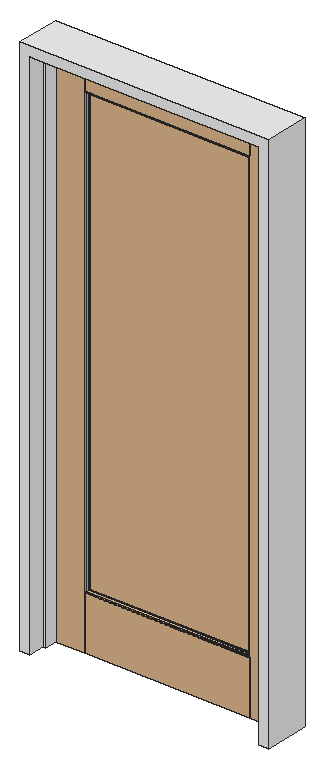
Revit family
Parameters (values of type "1 3/8" Flat Panel")
  URL = "http://www.karonadoor.com"
  Thickness Note = "Do not edit thickness."  # constant formula
  Thickness = 1.334"
  Swing Angle 2D = 90.00°
  SmartBIM Object Version = 1  # constant formula
  SmartBIM Object Created By = "Reed Construction Data"  # constant formula
  Rough Width = 0.000"
  Rough Height = 0.000"
  Panel = Panel_K6000-Square_Karona : 1 3/8" - Flat Panel
  Model = "K6000 Ogee"  # constant formula
  Manufacturer = "Karona , Inc."  # constant formula
  Detail Door Thickness = 1.375"
  Assembly Code = ""
  Top Rail Height = 5.000"
  Top Rail = Wood, Cherry - Grain Horizontal
  Stile Width = 5.063"
  Stile = Wood, Cherry - Grain Vertical
  Sticking = Wood, Cherry - Grain Vertical
  Middle Rail = Wood, Cherry - Grain Horizontal
  Height = 84.000"
  Wall Closure = (empty or 0)
  Width = 36.000"
  Frame = Metal
  Bottom Rail Height = 8.500"
  Bottom Rail = Wood, Cherry - Grain Horizontal
  95 CSI = "08210"  # constant formula
  04 CSI = "08 14 33"  # constant formula
Types (9): name | Thickness | Rough Height | Panel | Detail Door Thickness
  1 3/4" Flat Panel | 1.774" | 1.750" | Panel_K6000-Square_Karona : 1 3/4" - Flat Panel | 1.750"
  1 3/8" Flat Panel | 1.334" | 0.000" | Panel_K6000-Square_Karona : 1 3/8" - Flat Panel | 1.375"
  2 1/4" Flat Panel | 2.250" | 0.000" | Panel_K6000-Square_Karona : 2 1/4" - Flat Panel | 2.250"
  1 3/4" Glass Panel | 1.774" | 1.750" | Panel_K6000-Square_Karona : 1 3/4" - Glass Panel | 1.750"
  1 3/8" Glass Panel | 1.334" | 0.000" | Panel_K6000-Square_Karona : 1 3/8" - Glass Panel | 1.375"
  2 1/4" Glass Panel | 2.250" | 0.000" | Panel_K6000-Square_Karona : 2 1/4" - Glass | 2.250"
  1 3/4" Raised Panel | 1.774" | 1.750" | Panel_K6000-Square_Karona : 1 3/4" - Raised Panel | 1.750"
  1 3/8" Raised Panel | 1.334" | 0.000" | Panel_K6000-Square_Karona : 1 3/8" - Raised Panel | 1.375"
  2 1/4" Raised Panel | 2.250" | 0.000" | Panel_K6000-Square_Karona : 2 1/4" - Raised Panel | 2.250"
Reference planes (in)
  plane 1 "Center (Front/Back)": y = 0
  plane 2 "Center (Left/Right)": x = 0
  plane 3 "Left": x = -18
  plane 4 "Right": x = 18
  plane 5 "Top": z = 84
  plane 6 "Exterior Edge of Frame": y = 3.5
  plane 7 "Interior Edge of Frame": y = -3.5
  plane 8: y = 1
  plane 9: y = -1
  plane 10 "Opening Left": x = -19.5
  plane 11 "Opening Right": x = 19.5
  plane 12 "Top of Opening": z = 85.5
  plane 13: x = -17.5
Forms (in)
  Sweep 1, solid, material "Metal" <- "Frame"
    path origin (0, 0, 0) x (1, 0, 0) y (0, 0, 1)
      loop
        line (-19.5, 0) -> (-19.5, 85.5) -> (19.5, 85.5) -> (19.5, 0)
    profile origin (-19.5, 0, 42.75) x (-1, 0, 0) y (0, -1, 0)
      loop
        line (0, -3.5) -> (0, 3.5) -> (-1.5, 3.5) -> (-1.5, 1) -> (-2, 1) -> (-2, -1) -> (-1.5, -1) -> (-1.5, -3.5) -> (0, -3.5)
Lines and regions (in)
  Opening 1
    outline origin (-90, -3, 0) x (1, 0, 0) y (0, 0, 1)
      loop
        line (70.5, 0) -> (109.5, 0) -> (109.5, 85.5) -> (70.5, 85.5) -> (70.5, 0)
  symbolic lines, style "Elevation Swing"
    curve 1: line (18, 3, 0) -> (-18, 3, 42)
    curve 2: line (-18, 3, 42) -> (18, 3, 84)
Text (in)
  text "Exterior" at (-46.13199, 20.20143, 0), in view "Ref. Level"
  text "Interior" at (-46.13199, -10.56751, 0), in view "Ref. Level"
  text "Exterior" at (0, 40.15149, 123.01588), in view "Right"
  text "Interior" at (0, -64.39139, 123.01588), in view "Right"
  text "Interior" at (0, -31.01599, 123.00693), in view "Left"
  text "Exterior" at (0, 54.57065, 123.00693), in view "Left"
Dimensions and locks (in)
  "Height": level to plane 5 "Top"
  "Width": plane 3 "Left" to plane 4 "Right"
  equal spacing: host wall, curve 2, plane 5 "Top"
  locked: host wall to plane 7 "Interior Edge of Frame" at 0.5
  locked: plane 6 "Exterior Edge of Frame" to host wall at 0.5
  locked: plane 9 to plane 7 "Interior Edge of Frame" at 2.5
  locked: plane 6 "Exterior Edge of Frame" to plane 8 at 2.5
  equal spacing: plane 3 "Left", plane 2 "Center (Left/Right)", plane 4 "Right"
  locked: plane 4 "Right" to plane 11 "Opening Right" at 1.5
  locked: plane 5 "Top" to plane 12 "Top of Opening" at 1.5
  locked: plane 3 "Left" to plane 13 at 0.5
  locked: plane 10 "Opening Left" to plane 3 "Left" at 1.5
  aligned and locked: Opening 1 sketch curve to level
  aligned and locked: plane 4 "Right" to curve 1
  aligned and locked: plane 3 "Left" to curve 1
  aligned and locked: plane 5 "Top" to curve 2
  aligned and locked: Opening 1 sketch curve to plane 11 "Opening Right"
  aligned and locked: plane 12 "Top of Opening" to Opening 1 sketch curve
  aligned and locked: Opening 1 sketch curve to plane 10 "Opening Left"
  aligned and locked: plane 10 "Opening Left" to Sweep 1 sketch curve
  aligned and locked: plane 12 "Top of Opening" to Sweep 1 sketch curve
  aligned and locked: plane 11 "Opening Right" to Sweep 1 sketch curve
  aligned and locked: level to Sweep 1 sketch curve  (x2)
  aligned and locked: Sweep 1 sketch curve to plane 10 "Opening Left"
  aligned and locked: Sweep 1 sketch curve to plane 6 "Exterior Edge of Frame"
  aligned and locked: Sweep 1 sketch curve to plane 7 "Interior Edge of Frame"
  aligned and locked: Sweep 1 sketch curve to plane 8
  aligned and locked: Sweep 1 sketch curve to plane 9
  aligned and locked: plane 13 to Sweep 1 sketch curve
  aligned and locked: plane 3 "Left" to Sweep 1 sketch curve  (x2)
  aligned and locked: nested 1 to plane 2 "Center (Left/Right)"
  aligned and locked: nested 1 to plane 8
  aligned and locked: nested 2 to plane 3 "Left"
  aligned and locked: nested 2 to plane 8
Automatic sketch dimensions
  curve 1 to level = 0.000"
  curve 2 to plane 4 "Right" = 0.000"
Nested families (in)
  nested 1: "Panel_K6000-Square_Karona" at (-13.5, 0.5595, 0) x (-1, 0, 0) z (0, 0, 1), type <- "Panel", type "1 3/8" - Flat Panel"
  nested 2: "Door Panel Plan View" at (-31.5, 1, 0) x (-1, 0, 0) z (0, 0, 1), type "Door Panel Plan View"
    with Thickness 1.375", Height 84.000"
Definition of nested family "Panel_K6000-Square_Karona"
  Parameters (values of type "1 3/4" - Flat Panel")
    Width = 36.000"
    Top Rail Material = Wood, Cherry - Grain Horizontal
    Top Rail Height = 5.000"
    Thickness Note = "Do not change door thickness"  # constant formula
    Thickness = 1.774"
    Stile Width = 5.063"
    Stile Material = Wood, Cherry - Grain Vertical
    Sticking Material = Wood, Cherry - Grain Vertical
    Panel Width = Width - (2 * Stile Width)  # 25.874"
    Panel Height = Height - (Bottom Rail Height + Top Rail Height)  # 70.500"
    Panel = Glass-Sticking-Assembly-Ogee_Karona : Flat Panel
    Interior Panel = Wood, Cherry - Grain Vertical
    Height = 84.000"
    Exterior Edge - Glass Bottom Offset = if(Thickness = 1.774", 0.567", if(Thickness = 2.250", 0.803", 0.469"))  # 0.567"
    Door Panel Material = Wood, Cherry - Grain Vertical
    Default Elevation = 0.000"  # constant formula
    Bottom Rail Material = Wood, Cherry - Grain Horizontal
    Bottom Rail Height = 8.500"
    Assembly Code = ""
  Types (9): name | Thickness | Panel | Interior Panel | Exterior Edge - Glass Bottom Offset
    2 1/4" - Flat Panel | 2.250" | Glass-Sticking-Assembly-Ogee_Karona : Flat Panel | Wood, Cherry - Grain Vertical | 0.803"
    2 1/4" - Glass | 2.250" | Glass-Sticking-Assembly-Ogee_Karona : Glass Panel | Glass | 0.803"
    2 1/4" - Raised Panel | 2.250" | Glass-Sticking-Assembly-Ogee_Karona : Raised Panel | Wood, Cherry - Grain Vertical | 0.803"
    1 3/4" - Raised Panel | 1.774" | Glass-Sticking-Assembly-Ogee_Karona : Raised Panel | Wood, Cherry - Grain Vertical | 0.567"
    1 3/4" - Flat Panel | 1.774" | Glass-Sticking-Assembly-Ogee_Karona : Flat Panel | Wood, Cherry - Grain Vertical | 0.567"
    1 3/4" - Glass Panel | 1.774" | Glass-Sticking-Assembly-Ogee_Karona : Glass Panel | Glass | 0.567"
    1 3/8" - Raised Panel | 1.334" | Glass-Sticking-Assembly-Ogee_Karona : Raised Panel | Wood, Cherry - Grain Vertical | 0.469"
    1 3/8" - Glass Panel | 1.334" | Glass-Sticking-Assembly-Ogee_Karona : Glass Panel | Glass | 0.469"
    1 3/8" - Flat Panel | 1.334" | Glass-Sticking-Assembly-Ogee_Karona : Flat Panel | Wood, Cherry - Grain Vertical | 0.469"
  Reference planes (in)
    plane 1 "Center (Front/Back)": y = 1.2295
    plane 2: z = 0
    plane 3 "Center (Left/Right)": x = -13.5
    plane 4 "Left": x = -31.5
    plane 5: x = 4.5
    plane 6 "Inner Left": x = -26.437
    plane 7: x = -15.40625
    plane 8 "Inner Right": x = -0.563
    plane 9: x = -11.59375
    plane 10: z = 8.5
    plane 11 "Bottom Of Top Rail": z = 79
    plane 12 "Top": z = 84
    plane 13 "Interior Edge of Door": y = 2.1165
    plane 14: z = 79
    plane 15 "Exterior Edge of Door": y = 0.3425
    plane 16 "Bottom of Glass": y = 0.9095
    plane 17: z = 43.75
  Forms (in)
    Extrusion 1, solid, material "Wood, Cherry - Grain Horizontal" <- "Bottom Rail Material"
      sketch origin (0, -101.3125, 0) x (1, 0, 0) y (0, 0, 1)
        loop
          line (-26.437, 0) -> (-0.563, 0) -> (-0.563, 8.5) -> (-26.437, 8.5) -> (-26.437, 0)
      from -103.429 to -101.655
    Extrusion 2, solid, material "Wood, Cherry - Grain Vertical" <- "Stile Material"
      sketch origin (0, 1.2295, 0) x (1, 0, 0) y (0, 0, 1)
        loop
          line (-31.5, 84) -> (-31.5, 0) -> (-26.437, 0) -> (-26.437, 84) -> (-31.5, 84)
        loop
          line (-0.563, 0) -> (4.5, 0) -> (4.5, 84) -> (-0.563, 84) -> (-0.563, 0)
      from -0.887 to 0.887
    Extrusion 3, solid, material "Wood, Cherry - Grain Horizontal" <- "Top Rail Material"
      sketch origin (0, 1.2295, 0) x (1, 0, 0) y (0, 0, 1)
        loop
          line (-26.437, 84) -> (-26.437, 79) -> (-0.563, 79) -> (-0.563, 84) -> (-26.437, 84)
      from -0.887 to 0.887
  Text (in)
    text "EXTERIOR" at (-34.59289, -1.27941, 0), in view "Ref. Level"
    text "EXTERIOR" at (0, -9.65287, 72.76687), in view "Left"
    text "EXTERIOR" at (0, -33.33473, 96.68074), in view "Right"
  Dimensions and locks (in)
    equal spacing: plane 4 "Left", plane 3 "Center (Left/Right)", plane 5
    "Width": plane 4 "Left" to plane 5
    "Stile Width": plane 4 "Left" to plane 6 "Inner Left"
    "Stile Width": plane 5 to plane 8 "Inner Right"
    locked: plane 9 to plane 7 at 3.8125
    equal spacing: plane 9, plane 3 "Center (Left/Right)", plane 7
    "Bottom Rail Height": plane 10 to plane 2
    "Top Rail Height": plane 12 "Top" to plane 11 "Bottom Of Top Rail"
    "Height": plane 12 "Top" to plane 2
    equal spacing: plane 13 "Interior Edge of Door", plane 1 "Center (Front/Back)", plane 15 "Exterior Edge of Door"
    "Thickness": plane 13 "Interior Edge of Door" to plane 15 "Exterior Edge of Door"
    "Exterior Edge - Glass Bottom Offset": plane 16 "Bottom of Glass" to plane 15 "Exterior Edge of Door"
    "Exterior Edge - Glass Bottom Offset": plane 15 "Exterior Edge of Door" to plane 16 "Bottom of Glass"
    equal spacing: plane 14, plane 17, plane 10
    aligned and locked: Extrusion 1 to plane 2
    aligned and locked: plane 13 "Interior Edge of Door" to Extrusion 1
    aligned and locked: plane 4 "Left" to Extrusion 2 sketch curve
    aligned and locked: Extrusion 2 sketch curve to plane 12 "Top"
    aligned and locked: Extrusion 2 sketch curve to Extrusion 1  (x3)
    aligned and locked: Extrusion 1 to Extrusion 2 sketch curve
    aligned and locked: plane 12 "Top" to Extrusion 2 sketch curve
    aligned and locked: plane 5 to Extrusion 2 sketch curve
    aligned and locked: plane 13 "Interior Edge of Door" to Extrusion 2
    aligned and locked: Extrusion 2 to Extrusion 3 sketch curve
    aligned and locked: Extrusion 3 sketch curve to Extrusion 2
    aligned and locked: plane 13 "Interior Edge of Door" to Extrusion 3
    aligned and locked: plane 14 to plane 11 "Bottom Of Top Rail"
    aligned and locked: level to plane 2
    aligned and locked: Extrusion 3 to plane 15 "Exterior Edge of Door"
    aligned and locked: Extrusion 3 to plane 13 "Interior Edge of Door"
    aligned and locked: Extrusion 2 to plane 15 "Exterior Edge of Door"
    aligned and locked: Extrusion 3 to plane 14
    aligned and locked: Extrusion 1 to Extrusion 2
    aligned and locked: nested 1 to plane 1 "Center (Front/Back)"
    aligned and locked: plane 17 to nested 1
    aligned and locked: plane 3 "Center (Left/Right)" to nested 1
  Automatic sketch dimensions
    Extrusion 1 sketch curve to plane 6 "Inner Left" = 0.000"
    Extrusion 1 sketch curve to plane 8 "Inner Right" = 0.000"
    Extrusion 1 sketch curve to level = 0.000"
    Extrusion 1 sketch curve to plane 10 = 0.000"
    Extrusion 3 sketch curve to plane 8 "Inner Right" = 0.000"
    plane 11 "Bottom Of Top Rail" to Extrusion 3 sketch curve = 0.000"
  Nested families (in)
    nested 1: "Glass-Sticking-Assembly-Ogee_Karona" at (-13.96875, 1.38, 8.5), Width <- "Panel Width", Height <- "Panel Height", type <- "Panel", type "Flat Panel"
      with Width 25.874", Height 70.500", Door Thickness 1.774", C 0.131", B 0.567", A 0.128"
  Definition of nested family "Glass-Sticking-Assembly-Ogee_Karona"
    Parameters (values of type "Glass Panel")
      Width [instance] = 5.000"
      Vertical Profile Offset = if(Glass Panel, 0.490", 0.100")  # 0.490"
      Stop Adjustment = if(and(not(Glass Panel), Door Thickness = 1.774"), 0.513", if(and(not(Glass Panel), Door Thickness = 2.250"), 0.513", if((Glass Panel), 0.125", 0.273")))  # 0.125"
      Profile = Wood, Cherry - Grain Vertical
      Height [instance] = 23.000"
      Raised Panel = no
      Interior Panel = Glass
      Glass Panel = yes
      Door Thickness = 1.334"
      C = if(Door Thickness = 1.774", 0.131", if(Door Thickness = 2.250", 0.370", 0.093"))  # 0.093"
      B = if(Door Thickness = 1.774", 0.567", if(Door Thickness = 2.250", 0.803", 0.469"))  # 0.469"
      Assembly Code = ""
      A = if(Door Thickness = 1.774", 0.128", if(Door Thickness = 2.250", 0.364", 0.095"))  # 0.095"
    Types (3): name | Width | Vertical Profile Offset | Stop Adjustment | Raised Panel | Interior Panel | Glass Panel | Door Thickness | C | B | A
      Glass Panel | 5.000" | 0.490" | 0.125" | no | Glass | yes | 1.334" | 0.093" | 0.469" | 0.095"
      Flat Panel | 4.500" | 0.100" | 0.513" | no | Wood, Cherry - Grain Vertical | no | 2.250" | 0.370" | 0.803" | 0.364"
      Raised Panel | 4.000" | 0.100" | 0.513" | yes | Wood, Cherry - Grain Vertical | no | 2.250" | 0.370" | 0.803" | 0.364"
    Reference planes (in)
      plane 1 "Stop Adjustment Edge": y = -0.3455
      plane 2: z = 0
      plane 3 "Center (Left/Right)": x = 0.46875
      plane 4 "Back": y = 0.3945
      plane 5 "Front": y = -0.9395
      plane 6 "Left": x = -2.03125
      plane 7 "Right": x = 2.96875
      plane 8 "Top": z = 23
      plane 9 "Center (Up/Down)": z = 11.5
      plane 10 "Bottom of Stop": y = -0.2205
      plane 11 "Bottom of Glass": y = -0.4705
      plane 12 "Right Edge of Glass": x = 2.91875
      plane 13 "Left Edge of Glass": x = -1.98125
      plane 14 "Top Edge of Glass": z = 22.90625
      plane 15 "Bottom Edge of Glass": z = 0.09375
      plane 16: x = 2.84375
      plane 17 "A": y = -0.8445
      plane 18 "C": y = 0.3015
      plane 19 "Bottom Cut Line": z = 0.438
      plane 20 "Top Cut Line": z = 22.562
      plane 21 "Cut Vertical Left": x = -1.59325
      plane 22 "Cut Vertical": x = 2.53075
      plane 23 "Center (Front/Back)": y = -0.2725
    Forms (in)
      Sweep 1, solid, material "Wood, Cherry - Grain Vertical" <- "Profile"
        path origin (0, -0.3455, 0) x (1, 0, 0) y (0, 0, 1)
          loop
            line (2.96875, 23) -> (-2.03125, 23) -> (-2.03125, 0) -> (2.96875, 0) -> (2.96875, 23)
        profile origin (2.96875, -0.3455, 11.5) x (0, -1, 0) y (1, 0, 0)
          loop
            line (-0.647, 0) -> (-0.647, -0.438) -> (-0.125, -0.438) -> (-0.125, -0.05) -> (0.125, -0.05) -> (0.125, -0.438) -> (0.499, -0.438) -> (0.499, 0) -> (-0.647, 0)
      Extrusion 2, solid, material "Glass" <- "Interior Panel"
        sketch origin (0, 0, 0) x (1, 0, 0) y (0, 1, 0)
          loop
            line (-1.98125, -0.2205) -> (-1.98125, -0.4705) -> (2.91875, -0.4705) -> (2.91875, -0.2205) -> (-1.98125, -0.2205)
        from 0.09375 to 22.90625
      Extrusion 3, solid, material "Wood, Cherry - Grain Vertical" <- "Profile", visible <- "Raised Panel"
        sketch origin (0, 0, 0) x (1, 0, 0) y (0, 1, 0)
          loop
            line (2.53075, 0.3015) -> (-1.59325, 0.3015) -> (-1.59325, -0.2205) -> (2.53075, -0.2205) -> (2.53075, 0.3015)
          loop
            line (-1.59325, -0.4705) -> (-1.59325, -0.8445) -> (2.53075, -0.8445) -> (2.53075, -0.4705) -> (-1.59325, -0.4705)
        from 0.438 to 22.562
      Sweep 4, void
        path origin (0, -0.2205, 0) x (-1, 0, 0) y (0, 0, 1)
          loop
            line (2.03125, 0) -> (2.03125, 23) -> (-2.96875, 23) -> (-2.96875, 0) -> (2.03125, 0)
        profile "Profile : 05" origin (-2.03125, -0.2205, 11.5) x (1, 0, 0) y (0, 1, 0)
          loop
            line (0, 0.49) -> (0.36169, 0.49096)
            arc (0.36169, 0.49096) -> (1.01257, 0.57642) -> (1.61934, 0.827) r 2.52143
            line (1.61934, 0.827) -> (0, 0.827) -> (0, 0.49)
      Sweep 5, void
        path origin (0, -0.4705, 0) x (-1, 0, 0) y (0, 0, 1)
          loop
            line (-2.96875, 23) -> (-2.96875, 0) -> (2.03125, 0) -> (2.03125, 23) -> (-2.96875, 23)
        profile "Profile : 05" origin (2.96875, -0.4705, 11.5) x (-1, 0, 0) y (0, 1, 0)
          loop
            line (0, -0.102) -> (0, -0.439) -> (1.61934, -0.439)
            arc (1.61934, -0.439) -> (1.01257, -0.18842) -> (0.36169, -0.10296) r 2.52143
            line (0.36169, -0.10296) -> (0, -0.102)
      Sweep 6, void
        path origin (0, 0.3015, 0) x (1, 0, 0) y (0, 0, 1)
          loop
            line (-1.59325, 0.438) -> (2.53075, 0.438) -> (2.53075, 22.562) -> (-1.59325, 22.562) -> (-1.59325, 0.438)
        profile "QuarterCircleCut : QuarterCircleCut" origin (2.53075, 0.3015, 11.5) x (-1, 0, 0) y (0, -1, 0)
          loop
            arc (0.3196, 0) -> (0.182, 0.057) -> (0.125, 0.1946) r 0.1946
            line (0.125, 0.1946) -> (0.125, 0.27745) -> (0, 0.27745) -> (0, 0) -> (0.3196, 0)
      Sweep 7, void
        path origin (0, -0.8445, 0) x (1, 0, 0) y (0, 0, 1)
          loop
            line (-1.59325, 0.438) -> (2.53075, 0.438) -> (2.53075, 22.562) -> (-1.59325, 22.562) -> (-1.59325, 0.438)
        profile "QuarterCircleCut : QuarterCircleCut" origin (2.53075, -0.8445, 11.5) x (-1, 0, 0) y (0, -1, 0)
          loop
            line (0.3196, 0) -> (0, 0) -> (0, -0.27745) -> (0.125, -0.27745) -> (0.125, -0.1946)
            arc (0.125, -0.1946) -> (0.182, -0.057) -> (0.3196, 0) r 0.1946
    Cuts and joins
      Sweep 4, Sweep 5, Sweep 7 cuts Extrusion 3
      Sweep 6, Sweep 7 cuts Sweep 1
    Text (in)
      text "INTERIOR" at (-14.3788, 3.49864, 0), in view "Ref. Level"
    Dimensions and locks (in)
      equal spacing: plane 6 "Left", plane 3 "Center (Left/Right)", plane 7 "Right"
      "Width": plane 6 "Left" to plane 7 "Right"
      "Door Thickness": plane 4 "Back" to plane 5 "Front"
      "Height": plane 8 "Top" to plane 2
      equal spacing: plane 8 "Top", plane 9 "Center (Up/Down)", level
      locked: plane 1 "Stop Adjustment Edge" to plane 11 "Bottom of Glass" at 0.125
      "Stop Adjustment": plane 10 "Bottom of Stop" to plane 1 "Stop Adjustment Edge"
      locked: plane 12 "Right Edge of Glass" to plane 7 "Right" at 0.05
      locked: plane 8 "Top" to plane 14 "Top Edge of Glass" at 0.09375
      locked: plane 15 "Bottom Edge of Glass" to level at 0.09375
      locked: plane 6 "Left" to plane 13 "Left Edge of Glass" at 0.05
      "B": plane 5 "Front" to plane 11 "Bottom of Glass"
      locked: plane 16 to plane 7 "Right" at 0.125
      "A": plane 5 "Front" to plane 17 "A"
      "C": plane 18 "C" to plane 4 "Back"
      plane 4 "Back" to Sweep 1 = 0.615"
      locked: plane 19 "Bottom Cut Line" to level at 0.438
      locked: plane 8 "Top" to plane 20 "Top Cut Line" at 0.438
      locked: plane 6 "Left" to plane 21 "Cut Vertical Left" at 0.438
      locked: plane 22 "Cut Vertical" to plane 7 "Right" at 0.438
      equal spacing: plane 4 "Back", plane 23 "Center (Front/Back)", plane 5 "Front"
      aligned and locked: Sweep 1 sketch curve to plane 7 "Right"
      aligned and locked: Sweep 1 sketch curve to plane 8 "Top"
      aligned and locked: Sweep 1 sketch curve to plane 6 "Left"
      aligned and locked: Sweep 1 sketch curve to level
      aligned and locked: plane 10 "Bottom of Stop" to Sweep 1 sketch curve
      aligned and locked: plane 11 "Bottom of Glass" to Sweep 1 sketch curve
      aligned and locked: Extrusion 2 sketch curve to plane 13 "Left Edge of Glass"
      aligned and locked: Extrusion 2 sketch curve to plane 10 "Bottom of Stop"
      aligned and locked: Extrusion 2 sketch curve to plane 11 "Bottom of Glass"
      aligned and locked: Extrusion 2 sketch curve to plane 12 "Right Edge of Glass"
      aligned and locked: plane 14 "Top Edge of Glass" to Extrusion 2
      aligned and locked: Extrusion 2 to plane 15 "Bottom Edge of Glass"
      aligned and locked: Extrusion 3 sketch curve to plane 18 "C"
      aligned and locked: Extrusion 3 sketch curve to plane 10 "Bottom of Stop"
      aligned and locked: Extrusion 3 sketch curve to plane 11 "Bottom of Glass"
      aligned and locked: Extrusion 3 sketch curve to plane 17 "A"
      aligned and locked: Extrusion 3 to plane 19 "Bottom Cut Line"
      aligned and locked: Extrusion 3 to plane 20 "Top Cut Line"
      aligned and locked: plane 12 "Right Edge of Glass" to Sweep 1 sketch curve
      aligned and locked: plane 22 "Cut Vertical" to Extrusion 3 sketch curve  (x2)
      aligned and locked: Extrusion 3 sketch curve to plane 21 "Cut Vertical Left"  (x2)
      aligned and locked: plane 22 "Cut Vertical" to Sweep 1 sketch curve
      aligned and locked: Sweep 5 sketch curve to plane 6 "Left"
      aligned and locked: plane 8 "Top" to Sweep 5 sketch curve
      aligned and locked: Sweep 5 sketch curve to plane 7 "Right"
      aligned and locked: level to Sweep 5 sketch curve
      aligned and locked: Sweep 4 sketch curve to plane 7 "Right"
      aligned and locked: plane 8 "Top" to Sweep 4 sketch curve
      aligned and locked: Sweep 4 sketch curve to plane 6 "Left"
      aligned and locked: level to Sweep 4 sketch curve
      aligned and locked: plane 18 "C" to Sweep 1 sketch curve
      aligned and locked: Sweep 6 sketch curve to plane 21 "Cut Vertical Left"
      aligned and locked: plane 22 "Cut Vertical" to Sweep 6 sketch curve
      aligned and locked: Sweep 6 sketch curve to plane 19 "Bottom Cut Line"
      aligned and locked: plane 20 "Top Cut Line" to Sweep 6 sketch curve
      aligned and locked: Sweep 1 sketch curve to plane 22 "Cut Vertical"
      aligned and locked: plane 17 "A" to Sweep 1 sketch curve
      aligned and locked: Sweep 7 sketch curve to plane 21 "Cut Vertical Left"
      aligned and locked: plane 20 "Top Cut Line" to Sweep 7 sketch curve
      aligned and locked: plane 22 "Cut Vertical" to Sweep 7 sketch curve
      aligned and locked: Sweep 7 sketch curve to plane 19 "Bottom Cut Line"
    Automatic sketch dimensions
      Sweep 1 sketch curve to profile plane = 0.000"
Definition of nested family "Door Panel Plan View"
  Parameters (values of type "Door Panel Plan View")
    Width = 36.000"
    Thickness = 2.000"
    Swing Angle 2D = 90.00°
    Height = 0.000"
    Assembly Code = ""
  Reference planes (in)
    plane 1 "Center (Front/Back)": y = 0
    plane 2: z = 0
    plane 3 "Center (Left/Right)": x = -13.5
  Lines and regions (in)
    symbolic lines, style "DoorsPanelProjection"
      curve 1: line (-13.5, 0, 0) -> (-13.5, 36, 0)
      curve 2: line (-15.5, 0, 0) -> (-15.5, 36, 0)
      curve 3: line (-13.5, 0, 0) -> (-15.5, 0, 0)
      curve 4: line (-13.5, 36, 0) -> (-15.5, 36, 0)
    symbolic lines, style "Plan Swing"
      curve 5: arc (-13.5, 36, 0) -> (-38.95584, 25.45584, 0) -> (-49.5, 0, 0) r 36
  Dimensions and locks (in)
    "Width": curve 4 to curve 3
    "Thickness": curve 1 to curve 2
    "Swing Angle 2D": angle curve 1 to plane 1 "Center (Front/Back)"
    aligned and locked: plane 1 "Center (Front/Back)" to curve 5
  Automatic sketch dimensions
    curve 3 to plane 1 "Center (Front/Back)" = 0.000"
    curve 5 to plane 3 "Center (Left/Right)" = 0.000"
    curve 3 to plane 3 "Center (Left/Right)" = 0.000"
